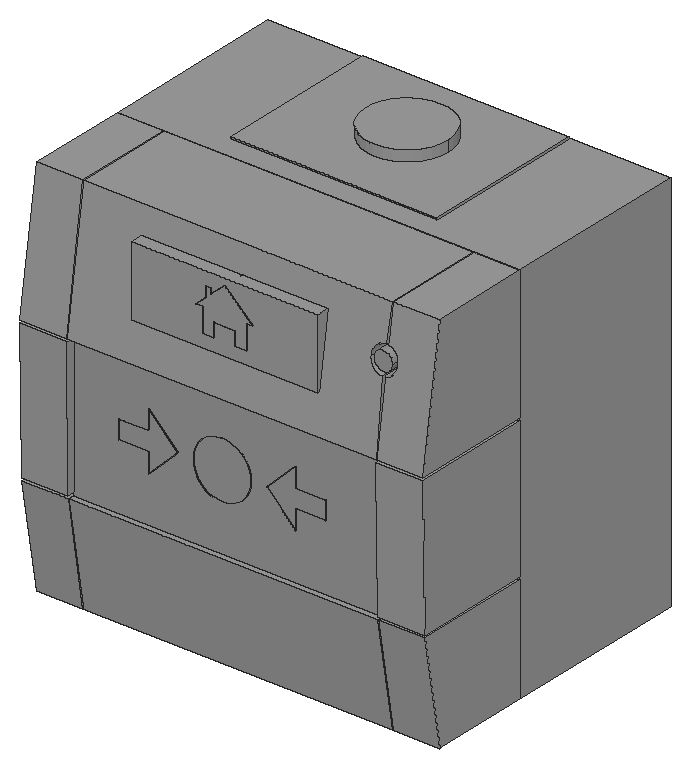
Revit family "DC M700WCP-RI SG", category Fire Alarm Devices, Revit 2014
Parameters (values of type "Notifier by Honeywell M700 Addressable Call Point M700WCP-R/I/SG")
  Zone number = ""
  URL = "www.notifierfiresystems.co.uk"
  Type Comments = ""
  Tel No. = "+44 (0) 1273 897000"
  Product Code = "M700WCP-R/I/SG"
  Model = "M700 WCP"
  Manufacturer = "Notifier by Honeywell"
  Loop number = ""
  Fax No. = "+44 (0) 1273 376894"
  Email = "sales@notifierfiresystems.co.uk"
  Detector number = ""
  Description = "Addressable IP67 Manual Call Point"
  Control Panel name = ""
  Assembly Code = "D4090900"
  Address line 1 = "Caburn House, Brooks Road, Lewes, E. Sussex BN7 2BY, UK"
Reference planes
  plane 1 "Center (Front/Back)": y = 0
  plane 2: z = 0
  plane 3 "Center (Left/Right)": x = 0
  plane 4: z = -45.922
  plane 5: z = 47.078
  plane 6: y = -29.554
  plane 7: y = -2.054
  plane 8: y = -0.006
  plane 9: z = -45.915
  plane 10: z = 47.085
  plane 11: y = -34.36
  plane 12: y = -6.86
  plane 13: z = -45.915
  plane 14: z = 47.085
  plane 15: y = -34.36
  plane 16: y = -6.86
  plane 17: z = -45.915
  plane 18: z = 47.085
  plane 19: y = -34.36
  plane 20: y = -6.86
Forms (mm)
  Extrusion 1, solid, material "Red"
    sketch origin (186.283, -29.554, -5.922) x (0, -1, 0) y (0, 0, 1)
      loop
        line (-27.5, 53) -> (-73, 53) -> (-73, -40) -> (-27.5, -40) -> (-27.5, 53)
    from -4.25 to 93.25
  Extrusion 2, solid, material "Red"
    sketch origin (186.283, -34.36, -5.915) x (0, -1, 0) y (0, 0, 1)
      loop
        arc (-7.812, -40) -> (-5.15, -27.14) -> (-3.347, -14.131) r 197.754
        line (-3.347, -14.131) -> (-18.64, -14.131) -> (-18.64, 20.869) -> (-2.79, 20.869)
        arc (-2.79, 20.869) -> (-4.64, 37.038) -> (-7.812, 53) r 197.754
        line (-7.812, 53) -> (-32.306, 53) -> (-32.306, -40) -> (-7.812, -40)
    from 7 to 82
  Extrusion 3, solid, material "UHMW, White"
    sketch origin (141.783, 38.646, 4.335) x (1, 0, 0) y (0, 0, 1)
      loop
        line (-37.5, 10.619) -> (-37.5, -24.381) -> (37.5, -24.381) -> (37.5, 10.619) -> (-37.5, 10.619)
      loop
        circle (-1.415, -6.112) r 7.019
      loop
        line (-12.089, -6.112) -> (-19.16, 0.96) -> (-19.16, -3.772) -> (-26.419, -3.772) -> (-26.419, -6.112) -> (-26.419, -8.451) -> (-19.16, -8.451) -> (-19.16, -13.183) -> (-12.089, -6.112)
      loop
        line (9.26, -6.112) -> (16.331, -13.183) -> (16.331, -8.451) -> (23.59, -8.451) -> (23.59, -6.112) -> (23.59, -3.772) -> (16.331, -3.772) -> (16.331, 0.96) -> (9.26, -6.112)
    from 40.7 to 68.204
  Extrusion 4, solid, material "UHMW, Black"
    sketch origin (141.783, 38.646, 4.335) x (1, 0, 0) y (0, 0, 1)
      loop
        circle (-1.415, -6.112) r 7.019
      loop
        line (-12.089, -6.112) -> (-19.16, 0.96) -> (-19.16, -3.772) -> (-26.419, -3.772) -> (-26.419, -6.112) -> (-26.419, -8.451) -> (-19.16, -8.451) -> (-19.16, -13.183) -> (-12.089, -6.112)
      loop
        line (9.26, -6.112) -> (16.331, -13.183) -> (16.331, -8.451) -> (23.59, -8.451) -> (23.59, -6.112) -> (23.59, -3.772) -> (16.331, -3.772) -> (16.331, 0.96) -> (9.26, -6.112)
    from 40.7 to 68.204
  Extrusion 5, solid, material "Red"
    sketch origin (97.617, 25.209, -42.872) x (1, 0, 0) y (0, 0, 1)
      loop
        line (21.666, 83.707) -> (21.666, 66.687) -> (66.666, 66.687) -> (66.666, 83.707) -> (21.666, 83.707)
      loop
        line (41.598, 69.852) -> (41.598, 73.203) -> (44.166, 73.203) -> (46.734, 73.203) -> (46.734, 69.852) -> (49.535, 69.852) -> (49.535, 75.704) -> (51.136, 75.704) -> (44.166, 81.979) -> (40.87, 79.011) -> (40.87, 80.307) -> (39.522, 80.307) -> (39.522, 77.797) -> (37.197, 75.704) -> (38.797, 75.704) -> (38.797, 69.852) -> (41.598, 69.852)
    from 48.837 to 55.872
  Extrusion 6, solid, material "Black"
    sketch origin (97.617, 25.209, -42.872) x (1, 0, 0) y (0, 0, 1)
      loop
        line (41.598, 69.852) -> (41.598, 73.203) -> (44.166, 73.203) -> (46.734, 73.203) -> (46.734, 69.852) -> (49.535, 69.852) -> (49.535, 75.704) -> (51.136, 75.704) -> (44.166, 81.979) -> (40.87, 79.011) -> (40.87, 80.307) -> (39.522, 80.307) -> (39.522, 77.797) -> (37.197, 75.704) -> (38.797, 75.704) -> (38.797, 69.852) -> (41.598, 69.852)
    from 48.837 to 55.872
  Extrusion 7, solid, material "Red"
    sketch origin (186.283, -34.36, -5.915) x (0, -1, 0) y (0, 0, 1)
      loop
        arc (-7.812, -40) -> (-5.15, -27.14) -> (-3.347, -14.131) r 197.754
        line (-3.347, -14.131) -> (-32.306, -14.131) -> (-32.306, -40) -> (-7.812, -40)
      loop
        line (-7.812, 53) -> (-32.306, 53) -> (-32.306, 20.869) -> (-2.79, 20.869)
        arc (-2.79, 20.869) -> (-4.64, 37.038) -> (-7.812, 53) r 197.754
      loop
        arc (-3.281, -13.493) -> (-2.293, 3.357) -> (-2.745, 20.23) r 197.754
        line (-2.745, 20.23) -> (-32.306, 20.23) -> (-32.306, -13.493) -> (-3.281, -13.493)
    from -4.25 to 7
  Extrusion 8, solid, material "Red"
    sketch origin (100.033, -34.36, -5.915) x (0, -1, 0) y (0, 0, 1)
      loop
        arc (-7.812, -40) -> (-5.15, -27.14) -> (-3.347, -14.131) r 197.754
        line (-3.347, -14.131) -> (-32.306, -14.131) -> (-32.306, -40) -> (-7.812, -40)
      loop
        line (-7.812, 53) -> (-32.306, 53) -> (-32.306, 20.869) -> (-2.79, 20.869)
        arc (-2.79, 20.869) -> (-4.64, 37.038) -> (-7.812, 53) r 197.754
      loop
        arc (-3.281, -13.493) -> (-2.293, 3.357) -> (-2.745, 20.23) r 197.754
        line (-2.745, 20.23) -> (-32.306, 20.23) -> (-32.306, -13.493) -> (-3.281, -13.493)
    from -4.25 to 7
  Extrusion 9, void
    sketch origin (123.679, 25.209, -43.17) x (1, 0, 0) y (0, 0, 1)
      loop
        circle (55.596, 78.603) r 3.24
    from 48.837 to 55.872
  Extrusion 10, solid, material "UHMW, White"
    sketch origin (123.727, 25.209, -43.129) x (1, 0, 0) y (0, 0, 1)
      loop
        circle (55.596, 78.603) r 2.24
    from 48.837 to 54.595
  Extrusion 11, solid, material "Black"
    sketch origin (0, 0, 0) x (1, 0, 0) y (0, 1, 0)
      loop
        circle (141.801, 24.58) r 10
      loop
        line (116.015, 43.446) -> (116.015, 3.446) -> (166.015, 3.446) -> (166.015, 43.446) -> (116.015, 43.446)
    from 0 to 47.5
  Extrusion 12, solid, material "Default"
    sketch origin (0, 0, 0) x (1, 0, 0) y (0, 1, 0)
      loop
        circle (141.801, 24.58) r 10
    from 0 to 50
Cuts and joins
  Extrusion 9 cuts Extrusion 1
  Extrusion 9 cuts Extrusion 2
  Extrusion 9 cuts Extrusion 7
Lines and regions (mm)
  symbolic lines
    curve 1: circle (0, -100.006, 0) r 100 normal (0, 0, 1)
    curve 2: circle (0, -100.006, 0) r 40 normal (0, 0, 1)
